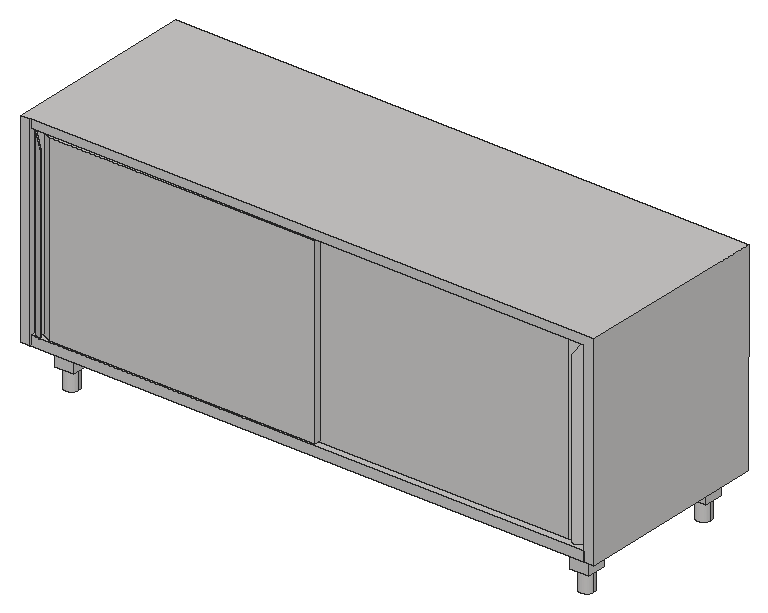
Revit family "QF_ELECTROLUXPROFESSIONAL_121928_TE2S20", category Attrezzature speciali, Revit 2020
Family settings
  Quota connettore circolare = Usa diametro
  Tipo di parte = Normale
  Basato su piano di lavoro = No
  Sempre verticale = Sì
  Taglio con vuoti quando caricato = No
  Condiviso = No
  Punto di calcolo locali = No
Parameters (values of type "Standard")
  Weight = 115.00 kg
  Watts = 0 W
  Volts = 0 V
  URL Manufacturer = "https://www.electroluxprofessional.com/"
  URL = "https://www.electroluxprofessional.com/"
  Steam Supply Size = 0 mm
  Steam Supply Minimum Pressure = 0.0 Pa
  Steam Supply Maximum Pressure = 0.0 Pa
  Steam Consumption per Hour = 0
  Refrigeration Suction Line Size = 0.0 mm
  Refrigeration Liquid Line Size = 0.0 mm
  Refrigerant Compressor Remote = yes
  Prospetto di default = 0.0 mm
  Phase = 0
  Modello = "TE2S20"
  Produttore = "Electrolux Professional"
  Length Actual = 2000.0 mm  # constant formula
  Item Number = "121928"
  Hot Water Size = 0 mm
  Height Actual = 860.0 mm  # constant formula
  HP = "0 HP"
  Gas Size = 0 mm
  Gas KW = 0
  Gas Input Pressure = 0 W
  Direct Waste Size = 0 mm
  Descrizione = "AMBIENT UNIT 2 SLIDING DOORS 2000MM"
  Depth Actual = 680.0 mm  # constant formula
  Cycle = 0 Hz
  Condensate Return Size = 0 mm
  Compressed Air Volume = 0.0 L/s
  Compressed Air Size = 0 mm
  Compressed Air Pressure = 0.0 Pa
  Cold Water Size = 0 mm
  Accessory = yes
Reference planes
  plane 1 "Center (Front/Back)": y = 0
  plane 2: z = 0
  plane 3 "Center (Left/Right)": x = -300
  plane 4 "LEFT": x = -1300
  plane 5 "RIGHT": x = 700
  plane 6 "BACK": y = 340
  plane 7 "FRONT": y = -340
  plane 8 "Base": z = 860
  plane 9 "TOP": z = 900
  plane 10: x = -1200
  plane 11: x = 600
  plane 12: y = 270
  plane 13: y = -240
  plane 14 "FEET": z = 150
  plane 15: x = -1266
  plane 16: y = -337
  plane 17: y = 310
  plane 18: x = 666
  plane 19: x = -326.5
  plane 20: x = -273.5
Forms (mm)
  Extrusion 1, solid, material "QF_Finishes_Stainless Steel"
    sketch origin (0, 0, 150) x (-1, 0, 0) y (0, -1, 0)
      loop
        line (1300, -340) -> (1300, 340) -> (1266, 340) -> (1266, -340) -> (1300, -340)
      loop
        line (-666, -340) -> (-666, 337) -> (-700, 337) -> (-700, -340) -> (-666, -340)
    from 0 to 710
  Extrusion 2, solid, material "QF_Finishes_Stainless Steel"
    sketch origin (0, 0, 150) x (-1, 0, 0) y (0, -1, 0)
      loop
        line (1266, -310) -> (1266, 337) -> (-666, 337) -> (-666, -310) -> (1266, -310)
    from 0 to 35
  Extrusion 3, solid, material "QF_Finishes_Stainless Steel"
    sketch origin (0, 0, 0) x (1, 0, 0) y (0, 1, 0)
      loop
        line (-1266, -337) -> (666, -337) -> (666, 340) -> (-1266, 340) -> (-1266, -337)
    from 830 to 860
  Extrusion 4, solid, material "QF_Finishes_Stainless Steel"
    sketch origin (0, 0, 150) x (-1, 0, 0) y (0, -1, 0)
      loop
        line (1266, -340) -> (1266, -310) -> (-666, -310) -> (-666, -340) -> (1266, -340)
    from 680 to 0
  Extrusion 5, solid, material "QF_Finishes_Stainless Steel"
    sketch origin (0, -340, 0) x (-1, 0, 0) y (0, 0, 1)
      loop
        line (301, 185) -> (301, 187) -> (299, 187) -> (299, 185) -> (301, 185)
    from 45 to 43
  Extrusion 6, solid, material "QF_Finishes_Stainless Steel"
    sketch origin (0, 0, 150) x (-1, 0, 0) y (0, -1, 0)
      loop
        line (326.5, 317) -> (-598, 317) -> (-633, 302) -> (-663, 302) -> (-663, 297) -> (326.5, 297) -> (326.5, 317)
    from 675 to 40
  Extrusion 7, solid, material "QF_Finishes_Stainless Steel"
    sketch origin (0, 0, 150) x (-1, 0, 0) y (0, -1, 0)
      loop
        line (-621, 331) -> (-649, 316) -> (-663, 302) -> (-660.172, 302) -> (-647.795, 314.377) -> (-620.056, 329.237) -> (-621, 331)
    from 675 to 40
  Extrusion 8, solid, material "QF_Finishes_Stainless Steel"
    sketch origin (0, 0, 150) x (-1, 0, 0) y (0, -1, 0)
      loop
        line (273.5, 337) -> (273.5, 317) -> (1263, 317) -> (1263, 322) -> (1233, 322) -> (1198, 337) -> (273.5, 337)
    from 675 to 40
  Extrusion 9, solid, material "QF_Finishes_Stainless Steel"
    sketch origin (0, 0, 150) x (-1, 0, 0) y (0, -1, 0)
      loop
        line (1221, 351) -> (1220.056, 349.237) -> (1247.795, 334.377) -> (1260.172, 322) -> (1263, 322) -> (1249, 336) -> (1221, 351)
    from 675 to 40
  Extrusion 10, void
    sketch origin (-318.5, -342.5, 2435) x (-1, 0, 0) y (0, 0, 1)
      loop
        line (897, -1610) -> (897, -1661.75) -> (931.5, -1610) -> (897, -1610)
      loop
        line (901.556, -2245) -> (911.556, -2245)
        arc (911.556, -2245) -> (904.484, -2242.071) -> (901.556, -2235) r 10
        line (901.556, -2235) -> (901.556, -2245)
    from -13.118 to 9.689
  Extrusion 11, void
    sketch origin (-481.5, -342.5, 2430) x (1, 0, 0) y (0, 0, -1)
      loop
        line (1097, 1605) -> (1131.5, 1605) -> (1097, 1656.75) -> (1097, 1605)
      loop
        line (1101.556, 2240) -> (1101.556, 2230)
        arc (1101.556, 2230) -> (1104.484, 2237.071) -> (1111.556, 2240) r 10
        line (1111.556, 2240) -> (1101.556, 2240)
    from 5.5 to 29.918
Cuts and joins
  joined: Extrusion 1, Extrusion 3, Extrusion 4
  Extrusion 10 cuts Extrusion 9
  Extrusion 11 cuts Extrusion 7
Lines and regions (mm)
  symbolic lines, style "SpecialityEquipmentHiddenLines"
    curve 1: line (700, 340, 900) -> (-1300, 340, 900)
    curve 2: line (700, -340, 900) -> (700, 340, 900)
    curve 3: line (-1300, -344.5, 150) -> (-1300, 340, 150)
    curve 4: line (-1300, -340, 150) -> (-1266, -340, 150)
    curve 5: line (-1266, -340, 150) -> (-1266, -337, 150)
    curve 6: line (-1266, -337, 150) -> (666, -337, 150)
    curve 7: line (666, -337, 150) -> (666, -340, 150)
    curve 8: line (666, -340, 150) -> (700, -340, 150)
    curve 9: line (666, -340, 1600) -> (666, -337, 1600)
    curve 11: line (-1266, -337, 1600) -> (-1266, -340, 1600)
    curve 12: line (666, -297, 200) -> (-326.5, -297, 200)
    curve 13: line (-326.5, -297, 200) -> (-326.5, -317, 200)
    curve 14: line (599, -317, 200) -> (-1263, -317, 200)
    curve 18: line (-273.5, -317, 200) -> (-273.5, -337, 200)
    curve 19: line (598, -317, 1600) -> (633, -302, 1600)
    curve 20: line (633, -302, 1600) -> (663, -302, 1600)
    curve 21: line (663, -302, 1600) -> (663, -297, 1600)
    curve 22: line (620.958, -331.023, 1600) -> (648.999, -316.001, 1600)
    curve 23: line (648.999, -316.001, 1600) -> (663, -302, 1600)
    curve 24: line (660.172, -302, 1600) -> (647.795, -314.377, 1600)
    curve 25: line (647.795, -314.377, 1600) -> (619.992, -329.271, 1600)
    curve 26: line (619.992, -329.271, 1600) -> (620.958, -331.023, 1600)
    curve 27: line (-1263, -317, 1600) -> (-1263, -322, 1600)
    curve 28: line (-1263, -322, 1600) -> (-1249, -336, 1600)
    curve 29: line (-1249, -336, 1600) -> (-1247.133, -337, 1600)
    curve 30: line (-1242.884, -337, 1600) -> (-1247.955, -334.283, 1600)
    curve 31: line (-1247.955, -334.283, 1600) -> (-1260.239, -322, 1600)
    curve 32: line (-1198, -337, 1600) -> (-1233, -322, 1600)
    curve 33: line (-1233, -322, 1600) -> (-1263, -322, 1600)
  symbolic lines, style "SpecialityEquipment"
    curve 10: line (666, -337, 1600) -> (-1266, -337, 1600)
    curve 15: line (-1247.133, -337, 1600) -> (-1220.985, -351.008, 1600)
    curve 16: line (-1220.985, -351.008, 1600) -> (-1220.038, -349.239, 1600)
    curve 17: line (-1242.884, -337, 1600) -> (-1220.038, -349.239, 1600)
Dimensions and locks
  plane 4 "LEFT" to plane 5 "RIGHT" = 2000.0 mm
  equal spacing: plane 4 "LEFT", plane 3 "Center (Left/Right)", plane 5 "RIGHT"
  plane 6 "BACK" to plane 7 "FRONT" = 680.0 mm
  equal spacing: plane 6 "BACK", plane 1 "Center (Front/Back)", plane 7 "FRONT"
  locked: plane 14 "FEET" to level at 150
  locked: plane 4 "LEFT" to plane 10 at 100
  locked: plane 11 to plane 5 "RIGHT" at 100
  locked: plane 4 "LEFT" to plane 15 at 34
  plane 16 to plane 7 "FRONT" = 3.0 mm
  plane 6 "BACK" to plane 17 = 30.0 mm
  locked: plane 6 "BACK" to plane 12 at 70
  locked: plane 13 to plane 7 "FRONT" at 100
  locked: plane 8 "Base" to level at 860
  locked: plane 9 "TOP" to level at 900
  locked: plane 18 to plane 5 "RIGHT" at 34
  locked: plane 19 to plane 20 at 53
  equal spacing: plane 19, plane 3 "Center (Left/Right)", plane 20
  aligned and locked: level to plane 2
  aligned and locked: plane 10 to nested 1
  aligned and locked: plane 11 to nested 2  (x2)
  aligned and locked: nested 4 to plane 12
  aligned and locked: plane 10 to nested 3
  aligned and locked: nested 3 to plane 12
  aligned and locked: plane 8 "Base" to Extrusion 1
  aligned and locked: plane 6 "BACK" to Extrusion 1 sketch curve
  aligned and locked: Extrusion 1 sketch curve to plane 6 "BACK"
  aligned and locked: Extrusion 1 sketch curve to plane 7 "FRONT"
  aligned and locked: plane 15 to Extrusion 1
  aligned and locked: Extrusion 2 to plane 15
  aligned and locked: plane 8 "Base" to Extrusion 3
  aligned and locked: Extrusion 2 to plane 16
  aligned and locked: Extrusion 2 to plane 17
  aligned and locked: Extrusion 3 to plane 16
  aligned and locked: plane 15 to Extrusion 4 sketch curve
  aligned and locked: Extrusion 4 sketch curve to plane 6 "BACK"
  aligned and locked: Extrusion 4 sketch curve to plane 17
  aligned and locked: Extrusion 4 to Extrusion 3
  aligned and locked: Extrusion 4 to plane 14 "FEET"
  aligned and locked: plane 6 "BACK" to Extrusion 3
  aligned and locked: nested 1 to plane 13
  aligned and locked: nested 2 to plane 13
  aligned and locked: plane 18 to Extrusion 3
  aligned and locked: Extrusion 2 sketch curve to plane 18
  aligned and locked: cut or joined group of Extrusion 1, Extrusion 3, Extrusion 4 to plane 18
  aligned and locked: plane 18 to cut or joined group of Extrusion 1, Extrusion 3, Extrusion 4
  aligned and locked: Extrusion 6 to plane 19
  aligned and locked: curve 13 to plane 19
  aligned and locked: plane 20 to Extrusion 8
  aligned and locked: curve 18 to plane 20
  aligned and locked: curve 7 to curve 9
  aligned and locked: plane 18 to curve 9
  aligned and locked: nested 4 to nested 4
  aligned and locked: nested 4 to nested 2
Automatic sketch dimensions
  curve 2 to plane 5 "RIGHT" = 0.0 mm
  curve 2 to plane 7 "FRONT" = 0.0 mm
  curve 1 to plane 4 "LEFT" = 0.0 mm
  curve 1 to plane 6 "BACK" = 0.0 mm
  Extrusion 1 sketch curve to plane 5 "RIGHT" = 0.0 mm
  Extrusion 1 sketch curve to plane 16 = 0.0 mm
  Extrusion 1 sketch curve to plane 18 = 0.0 mm
  Extrusion 1 sketch curve to plane 15 = 0.0 mm
  Extrusion 1 sketch curve to plane 4 "LEFT" = 0.0 mm
  Extrusion 2 sketch curve to plane 15 = 0.0 mm
  plane 17 to Extrusion 2 sketch curve = 0.0 mm
  Extrusion 2 sketch curve to plane 16 = 0.0 mm
  curve 8 to plane 5 "RIGHT" = 0.0 mm
  curve 6 to plane 15 = 0.0 mm
  curve 3 to plane 4 "LEFT" = 0.0 mm
  curve 3 to plane 6 "BACK" = 0.0 mm
  curve 6 to plane 16 = 0.0 mm
  curve 8 to plane 7 "FRONT" = 0.0 mm
  curve 4 to plane 7 "FRONT" = 0.0 mm
  curve 4 to curve 3 = 4.5 mm
  Extrusion 3 sketch curve to plane 6 "BACK" = 0.0 mm
  Extrusion 3 sketch curve to plane 15 = 0.0 mm
  Extrusion 3 sketch curve to plane 18 = 0.0 mm
  Extrusion 3 sketch curve to plane 16 = 0.0 mm
  Extrusion 4 sketch curve to plane 18 = 0.0 mm
  plane 3 "Center (Left/Right)" to Extrusion 5 sketch curve = 1.0 mm
  Extrusion 5 sketch curve to plane 3 "Center (Left/Right)" = 1.0 mm
  plane 14 "FEET" to Extrusion 5 sketch curve = 35.0 mm
  Extrusion 5 sketch curve to Extrusion 5 sketch curve = 2.0 mm
  Extrusion 6 sketch curve to plane 19 = 0.0 mm
  Extrusion 6 sketch curve to plane 11 = 2.0 mm
  plane 11 to Extrusion 6 sketch curve = 33.0 mm
  Extrusion 6 sketch curve to plane 18 = 3.0 mm
  plane 16 to Extrusion 6 sketch curve = 40.0 mm
  Extrusion 6 sketch curve to Extrusion 6 sketch curve = 5.0 mm
  Extrusion 6 sketch curve to Extrusion 6 sketch curve = 20.0 mm
  Extrusion 7 sketch curve to plane 18 = 3.0 mm
  Extrusion 7 sketch curve to Extrusion 7 sketch curve = 2.828 mm
  Extrusion 7 sketch curve to plane 18 = 17.0 mm
  Extrusion 7 sketch curve to Extrusion 7 sketch curve = 1.205 mm
  plane 16 to Extrusion 7 sketch curve = 6.0 mm
  plane 11 to Extrusion 7 sketch curve = 21.0 mm
  plane 16 to Extrusion 7 sketch curve = 7.763 mm
  Extrusion 7 sketch curve to Extrusion 7 sketch curve = 0.944 mm
  Extrusion 7 sketch curve to Extrusion 7 sketch curve = 12.377 mm
  Extrusion 8 sketch curve to plane 16 = 0.0 mm
  Extrusion 8 sketch curve to plane 20 = 0.0 mm
  plane 10 to Extrusion 8 sketch curve = 2.0 mm
  plane 16 to Extrusion 8 sketch curve = 15.0 mm
  Extrusion 8 sketch curve to plane 10 = 33.0 mm
  plane 15 to Extrusion 8 sketch curve = 3.0 mm
  Extrusion 8 sketch curve to Extrusion 8 sketch curve = 20.0 mm
  Extrusion 9 sketch curve to plane 10 = 20.056 mm
  Extrusion 9 sketch curve to plane 7 "FRONT" = 11.0 mm
  Extrusion 9 sketch curve to Extrusion 9 sketch curve = 0.944 mm
  plane 16 to Extrusion 9 sketch curve = 2.623 mm
  plane 15 to Extrusion 9 sketch curve = 18.205 mm
  plane 16 to Extrusion 9 sketch curve = 1.0 mm
  plane 15 to Extrusion 9 sketch curve = 5.828 mm
  Extrusion 9 sketch curve to Extrusion 9 sketch curve = 2.828 mm
  plane 16 to Extrusion 9 sketch curve = 15.0 mm
  curve 32 to plane 16 = 0.0 mm
  curve 11 to plane 15 = 0.0 mm
  curve 9 to plane 7 "FRONT" = 0.0 mm
  curve 11 to plane 7 "FRONT" = 0.0 mm
  curve 23 to plane 18 = 3.0 mm
  curve 23 to plane 18 = 17.001 mm
  curve 22 to curve 25 = 1.204 mm
  curve 24 to curve 19 = 14.795 mm
  plane 16 to curve 22 = 5.977 mm
  plane 11 to curve 22 = 20.958 mm
  plane 16 to curve 25 = 7.729 mm
  curve 22 to curve 25 = 0.966 mm
  curve 16 to plane 7 "FRONT" = 9.239 mm
  curve 16 to plane 10 = 20.038 mm
  curve 16 to plane 7 "FRONT" = 11.008 mm
  curve 16 to curve 16 = 0.948 mm
  curve 33 to curve 17 = 9.884 mm
  plane 16 to curve 30 = 2.717 mm
  curve 15 to curve 30 = 0.822 mm
  plane 16 to curve 29 = 1.0 mm
  curve 30 to curve 29 = 1.045 mm
  plane 15 to curve 33 = 3.0 mm
  plane 16 to curve 33 = 15.0 mm
  plane 16 to curve 23 = 20.999 mm
  curve 25 to curve 22 = 1.624 mm
  curve 19 to curve 24 = 12.377 mm
  curve 20 to curve 24 = 2.828 mm
  curve 19 to plane 11 = 2.0 mm
  plane 10 to curve 32 = 2.0 mm
  curve 30 to curve 17 = 0.0 mm
  curve 29 to curve 15 = 0.0 mm
  curve 31 to curve 27 = 2.761 mm
  curve 27 to curve 27 = 5.0 mm
  plane 16 to curve 19 = 20.0 mm
  curve 21 to curve 20 = 5.0 mm
  curve 12 to plane 18 = 0.0 mm
  curve 18 to plane 16 = 0.0 mm
  plane 16 to curve 13 = 40.0 mm
  curve 14 to plane 11 = 1.0 mm
  plane 15 to curve 14 = 3.0 mm
  curve 12 to curve 13 = 20.0 mm
  Extrusion 10 sketch curve to plane 10 = 15.5 mm
  Extrusion 10 sketch curve to plane 10 = 20.056 mm
  Extrusion 10 sketch curve to Extrusion 10 sketch curve = 10.0 mm
  plane 15 to Extrusion 10 sketch curve = 16.0 mm
  plane 14 "FEET" to Extrusion 10 sketch curve = 40.0 mm
  Extrusion 10 sketch curve to plane 8 "Base" = 86.75 mm
  Extrusion 10 sketch curve to plane 8 "Base" = 35.0 mm
  plane 11 to Extrusion 11 sketch curve = 15.5 mm
  plane 11 to Extrusion 11 sketch curve = 20.056 mm
  Extrusion 11 sketch curve to Extrusion 11 sketch curve = 10.0 mm
  Extrusion 11 sketch curve to plane 18 = 16.0 mm
  Extrusion 11 sketch curve to plane 8 "Base" = 35.0 mm
  Extrusion 11 sketch curve to Extrusion 11 sketch curve = 51.75 mm
  plane 14 "FEET" to Extrusion 11 sketch curve = 50.0 mm
Nested families
  nested 1: "FEET_L65-150" at (-1200, -240, 0), type "FEET_L65-150"
  nested 2: "FEET_L65-150" at (600, -240, 0), type "FEET_L65-150"
  nested 3: "FEET_L65-150" at (-1200, 270, 0), type "FEET_L65-150"
  nested 4: "FEET_L65-150" at (600, 270, 0), type "FEET_L65-150"
Definition of nested family "FEET_L65-150"
  Parameters
    Default Elevation = 0.0 mm
    FEET = 150.0 mm
  Reference planes
    plane 1 "Center (Front/Back)": y = 0
    plane 2: z = 0
    plane 3 "Center (Left/Right)": x = 0
    plane 4: z = 150
  Forms (mm)
    Extrusion 1, solid
      sketch origin (0, 0, 0) x (1, 0, 0) y (0, 1, 0)
        loop
          circle (0, 0) r 25
      from 0 to 67
    Extrusion 2, solid
      sketch origin (0, 0, 0) x (1, 0, 0) y (0, 1, 0)
        loop
          line (32.561, 32.5) -> (-32.439, 32.5) -> (-32.439, -32.5) -> (32.561, -32.5) -> (32.561, 32.5)
      from 67 to 150 <- "FEET"
  Lines and regions (mm)
    symbolic lines
      curve 1: line (0, -1.503, 0) -> (0, 1.508, 0)
      curve 2: line (1.561, 0, 0) -> (-1.439, 0, 0)
  Dimensions and locks
    "FEET": plane 4 to plane 2
    aligned and locked: level to plane 2
  Automatic sketch dimensions
    plane 1 "Center (Front/Back)" to Extrusion 1 sketch curve = 0.0 mm
    Extrusion 1 sketch curve to plane 3 "Center (Left/Right)" = 0.0 mm
    plane 1 "Center (Front/Back)" to curve 2 = 0.0 mm
    curve 1 to plane 3 "Center (Left/Right)" = 0.0 mm
    curve 2 to plane 3 "Center (Left/Right)" = 1.439 mm
    plane 3 "Center (Left/Right)" to curve 2 = 1.561 mm
    plane 1 "Center (Front/Back)" to curve 1 = 1.503 mm
    curve 1 to plane 1 "Center (Front/Back)" = 1.508 mm
    Extrusion 2 sketch curve to plane 1 "Center (Front/Back)" = 32.5 mm
    Extrusion 2 sketch curve to plane 3 "Center (Left/Right)" = 32.439 mm
    plane 3 "Center (Left/Right)" to Extrusion 2 sketch curve = 32.561 mm
    plane 1 "Center (Front/Back)" to Extrusion 2 sketch curve = 32.5 mm
    radius of Extrusion 1 sketch curve = 25.0 mm
